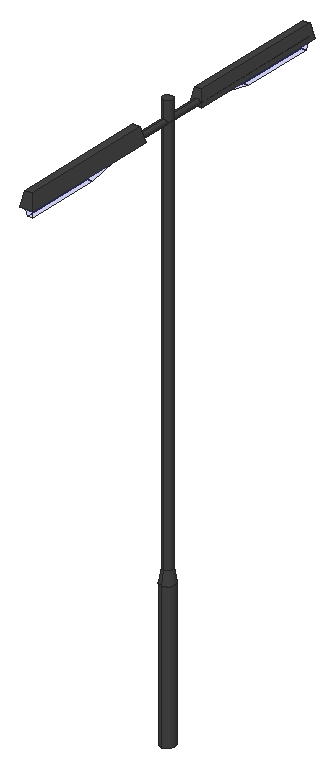
Revit family
Parameters
  Wattage = 9.2903 W
  built-in parameter 1150110 = 1 (stored number, unit not read)
  built-in parameter 1114217 = 1 (stored number, unit not read)
  built-in parameter 1150109 = 1 (stored number, unit not read)
  built-in parameter 1150134 = 3
  built-in parameter 1150113 = 1 (stored number, unit not read)
  Material Lamp Post = Paint - Black Matte
  Material Lamp Glazing = Glass
  built-in parameter 1150105 = 109.82 (stored number, unit not read)
  Lumens = 1380 lm
  built-in parameter 1150115 = 1 (stored number, unit not read)
  Light Source Symbol Size = 609.6 mm
  built-in parameter 1150137 = (empty or 0)
  built-in parameter 1150139 = (empty or 0)
  built-in parameter 1150112 = 1 (stored number, unit not read)
  built-in parameter 1150114 = 1 (stored number, unit not read)
  Keynote = "V"
  built-in parameter 1150132 = 2
  built-in parameter 1150102 = (empty or 0)
  built-in parameter 1150107 = 3200 (stored number, unit not read)
  built-in parameter 1150138 = (empty or 0)
  built-in parameter 1150106 = 1.0982 (stored number, unit not read)
  Height = 6000 mm
  built-in parameter 1150104 = 13.8 (stored number, unit not read)
  Dimming Lamp Color Temperature Shift = (empty or 0)
  Color Filter = 16777215
  Base Height = 1500 mm
  built-in parameter 1114218 = 1 (stored number, unit not read)
  built-in parameter 1150133 = 10 (stored number, unit not read)
  Arm Length = 1800 mm
Reference planes
  plane 1 "Light Source Axis (F/B)": y = 0
  plane 2: z = 0
  plane 3 "Light Source Axis (L/R)": x = 43.565
  plane 4 "Light Source Elevation": z = 4620
  plane 5: z = 1500
  plane 6: x = -6.435
  plane 7: x = 93.565
  plane 8: z = 1640
  plane 9: y = -1800
  plane 10: x = 43.565
  plane 11: z = 5800
  plane 12: y = -620
  plane 13: y = 1800
  plane 14: z = 4620
  plane 15: z = 6000
Forms (mm)
  Extrusion 1, solid, material "Paint - Black Matte" <- "Material Lamp Post"
    sketch origin (0, 0, 1500) x (0, -1, 0) y (-1, 0, 0)
      loop
        circle (0, -43.565) r 50
    from -140 to -4500
  Blend 2, solid, material "Paint - Black Matte" <- "Material Lamp Post"
    base sketch origin (0, 0, 1500) x (0, -1, 0) y (1, 0, 0)
      loop
        circle (0, 43.565) r 75
    top sketch origin (0, 0, 1500) x (0, -1, 0) y (1, 0, 0)
      loop
        circle (0, 43.565) r 50
    from 0 to 140
  Extrusion 3, solid, material "Paint - Black Matte" <- "Material Lamp Post"
    sketch origin (0, 0, 1500) x (0, -1, 0) y (-1, 0, 0)
      loop
        circle (0, -43.565) r 75
    from 0 to 1500
  Extrusion 4, solid, material "Paint - Black Matte" <- "Material Lamp Post"
    sketch origin (0, -1600, 0) x (0, 0, -1) y (1, 0, 0)
      loop
        circle (-5800, 43.565) r 30
    from 200 to -3400
  Blend 5, solid, material "Paint - Black Matte" <- "Material Lamp Post"
    base sketch origin (0, 0, 5800) x (0, 1, 0) y (-1, 0, 0)
      loop
        line (-370, -111.065) -> (-370, 23.935) -> (-1830, 23.935) -> (-1830, -111.065) -> (-370, -111.065)
    top sketch origin (0, 0, 5800) x (0, 1, 0) y (-1, 0, 0)
      loop
        line (-400, -6.065) -> (-1800, -6.065) -> (-1800, -81.065) -> (-400, -81.065) -> (-400, -6.065)
    from -30 to 119.26
  Blend 6, solid, material "Glass" <- "Material Lamp Glazing"
    base sketch origin (0, 0, 5800) x (0, 1, 0) y (-1, 0, 0)
      loop
        line (-620, -6.065) -> (-1800, -6.065) -> (-1800, -81.065) -> (-620, -81.065) -> (-620, -6.065)
    top sketch origin (0, 0, 5800) x (0, 1, 0) y (-1, 0, 0)
      loop
        line (-1000, -18.565) -> (-1775, -18.565) -> (-1775, -68.565) -> (-1000, -68.565) -> (-1000, -18.565)
    from -30 to -130
  Blend 7, solid, material "Paint - Black Matte"
    base sketch origin (551.971, -25.008, 9800) x (0, -1, 0) y (1, 0, 0)
      loop
        line (-395, -571.065) -> (-395, -445.747) -> (-1855, -445.747) -> (-1855, -571.065) -> (-395, -571.065)
    top sketch origin (551.971, -25.008, 9800) x (0, -1, 0) y (1, 0, 0)
      loop
        line (-425.008, -470.906) -> (-1825.008, -470.906) -> (-1825.008, -545.906) -> (-425.008, -545.906) -> (-425.008, -470.906)
    from -4030 to -3880.74
  Blend 8, solid, material "Glass"
    base sketch origin (0, 3500, 9800) x (0, 1, 0) y (-1, 0, 0)
      loop
        line (-1700, -6.065) -> (-2880, -6.065) -> (-2880, -81.065) -> (-1700, -81.065) -> (-1700, -6.065)
    top sketch origin (0, 3500, 9800) x (0, 1, 0) y (-1, 0, 0)
      loop
        line (-1725, -18.565) -> (-2475, -18.565) -> (-2475, -68.565) -> (-1725, -68.565) -> (-1725, -18.565)
    from -4030 to -4130
Dimensions and locks
  "Base Height": plane 5 to plane 2
  locked: plane 8 to plane 5 at 140
  "Arm Length": plane 9 to plane 1 "Light Source Axis (F/B)"
  equal spacing: Blend 5 sketch curve, plane 3 "Light Source Axis (L/R)", Blend 5 sketch curve  (x2)
  Blend 5 sketch curve to Blend 5 sketch curve = 135 mm
  locked: Blend 5 sketch curve to Blend 5 sketch curve at 75
  plane 9 to plane 12 = 1180 mm
  equal spacing: Blend 6 sketch curve, plane 3 "Light Source Axis (L/R)", Blend 6 sketch curve  (x2)
  locked: Blend 6 sketch curve to Blend 6 sketch curve at 75
  Blend 6 sketch curve to Blend 6 sketch curve = 50 mm
  Blend 6 sketch curve to var sketch = 380 mm
  plane 9 to Blend 5 sketch curve = 1430 mm
  plane 9 to Blend 5 sketch curve = 1400 mm
  Blend 7 sketch curve to Blend 7 sketch curve = 125.318 mm
  locked: Blend 7 sketch curve to Blend 7 sketch curve at 75
  "Arm Length": plane 13 to plane 1 "Light Source Axis (F/B)"
  locked: Blend 8 sketch curve to Blend 8 sketch curve at 75
  Blend 8 sketch curve to Blend 8 sketch curve = 50 mm
  Blend 7 sketch curve to plane 13 = 1430.008 mm
  equal spacing: Blend 7 sketch curve, plane 3 "Light Source Axis (L/R)", Blend 7 sketch curve  (x2)
  Blend 8 sketch curve to plane 13 = 1180 mm
  equal spacing: Blend 8 sketch curve, plane 3 "Light Source Axis (L/R)", Blend 8 sketch curve  (x2)
  Blend 7 sketch curve to plane 13 = 1400 mm
  Blend 7 sketch curve to plane 13 = 29.992 mm
  Blend 8 sketch curve to plane 13 = 0 mm
  Blend 7 to plane 11 to Blend 7 = 119.26 mm locked, 30 mm locked
  locked: Blend 8 to Blend 7 at 100
  Blend 8 sketch curve to Blend 8 sketch curve to plane 13 = 750 mm, 25 mm
  plane 4 "Light Source Elevation" to Blend 8 = 1050 mm
  "Height": plane 15 to level
  locked: plane 15 to plane 11 at 200
  aligned and locked: plane 8 to Extrusion 1
  aligned and locked: Extrusion 3 to level
  aligned and locked: plane 9 to Extrusion 4
  aligned and locked: Extrusion 4 to plane 13
  aligned and locked: Blend 7 sketch curve to plane 13
  aligned and locked: plane 13 to Blend 8 sketch curve
  aligned and locked: Blend 8 to Blend 5
  aligned and locked: Blend 8 to Blend 7
  aligned and locked: plane 15 to Extrusion 1
  aligned and locked: plane 3 "Light Source Axis (L/R)" to imposter light
  aligned and locked: plane 1 "Light Source Axis (F/B)" to imposter light
  aligned and locked: plane 4 "Light Source Elevation" to imposter light
Automatic sketch dimensions
  Extrusion 1 sketch curve to plane 1 "Light Source Axis (F/B)" = 0 mm
  Extrusion 1 sketch curve to plane 3 "Light Source Axis (L/R)" = 0 mm
  Blend 2 sketch curve to plane 1 "Light Source Axis (F/B)" = 0 mm  (x2)
  Blend 2 sketch curve to plane 3 "Light Source Axis (L/R)" = 0 mm  (x2)
  Extrusion 3 sketch curve to plane 1 "Light Source Axis (F/B)" = 0 mm
  Extrusion 3 sketch curve to plane 3 "Light Source Axis (L/R)" = 0 mm
  plane 9 to Blend 5 sketch curve = 30 mm
  Blend 6 sketch curve to plane 9 = 0 mm
  Blend 6 sketch curve to plane 12 = 0 mm
  Blend 5 sketch curve to plane 9 = 0 mm
  Blend 6 sketch curve to plane 9 = 25 mm
  Blend 7 sketch curve to plane 3 "Light Source Axis (L/R)" = 62.659 mm
  Blend 8 sketch curve to plane 3 "Light Source Axis (L/R)" = 25 mm
  Extrusion 4 sketch curve to plane 3 "Light Source Axis (L/R)" = 0 mm
  Extrusion 4 sketch curve to plane 11 = 0 mm
  radius of Extrusion 1 sketch curve = 50 mm
  radius of Blend 2 sketch curve = 75 mm
  radius of Blend 2 sketch curve = 50 mm
  radius of Extrusion 3 sketch curve = 75 mm
  radius of Extrusion 4 sketch curve = 30 mm
